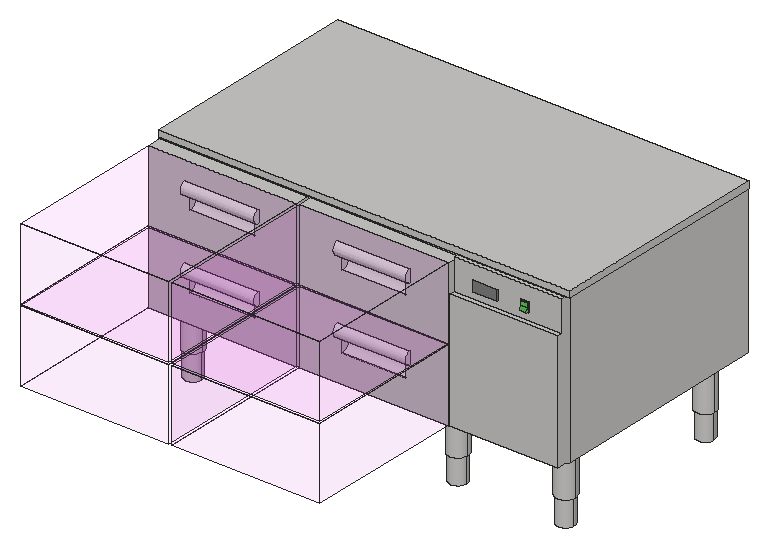
Revit family "QF_ZANUSSI_372295_Z7TTBECOMIN", category Specialty Equipment, Revit 2021
Family settings
  Round Connector Dimension = Use Diameter
  Part Type = Normal
  Work Plane-Based = No
  Always vertical = Yes
  Cut with Voids When Loaded = No
  Shared = No
  Room Calculation Point = No
Parameters (values of type "Standard")
  Weight = 95.00 kg
  Watts = 0 W
  Volts = 230 V
  URL Manufacturer = "http://www.zanussiprofessional.com"
  URL = "http://www.zanussiprofessional.com"
  Steam Supply Size = 0 mm
  Steam Supply Minimum Pressure = 0.0 Pa
  Steam Supply Maximum Pressure = 0.0 Pa
  Steam Pounds per Hour = 0
  Show Clearance [instance] = yes
  Refrigeration Suction Line Size = 0 mm
  Refrigeration Liquid Line Size = 0 mm
  Refrigerant Compressor Remote = yes
  Manufacturer = "Zanussi"
  Phase = 1
  Model = "Z7TTBECOMIN"
  Length Actual = 1200 mm
  Item Number = "372295"
  Hot Water Size = 0 mm
  Height Actual = 600 mm
  HP = "0.5 HP"
  Gas Size = 0 mm
  Gas KW = 0
  Gas Input Pressure = 0 W
  Direct Waste Size = 0 mm
  Description = "REFRIGERATED BASE WITH 4 DRAWERS 1200MM - R290"
  Depth Actual = 700 mm
  Default Elevation = 0 mm
  Cycle = 50 Hz
  Condensate Return Size = 0 mm
  Compressed Air Volume = 0.0 L/s
  Compressed Air Size = 0 mm
  Compressed Air Pressure = 0.0 Pa
  Cold Water Size = 0 mm
  Accessory = no
Reference planes
  plane 1 "Center X": y = -65.55
  plane 2: z = 0
  plane 3 "Centro (Sinistra/Destra)": x = 0
  plane 4: y = -315.05
  plane 5: y = 194.95
  plane 6 "BACK": y = 282.95
  plane 7 "FRONT": y = -414.05
  plane 8: y = -881.83
  plane 9: x = -544
  plane 10: x = 544
  plane 11: y = -369.551
  plane 12: x = 230
  plane 13: z = 200
  plane 14 "TOP": z = 630
  plane 15: z = 415
  plane 16 "LEFT": x = -600
  plane 17 "RIGHT": x = 600
Forms (mm)
  Extrusion 1, solid, material "QF_Finishes_Stainless Steel"
    sketch origin (-1022.223, -1524, 200) x (-1, 0, 0) y (0, -1, 0)
      loop
        line (-423.223, -1806.95) -> (-423.223, -1154.449) -> (-1621.223, -1154.449) -> (-1621.223, -1806.95) -> (-423.223, -1806.95)
    from 0 to 430
  Extrusion 2, solid, material "QF_Finishes_Stainless Steel"
    sketch origin (599, 0, 0) x (0, 1, 0) y (0, 0, 1)
      loop
        line (-369.551, 629.527) -> (-386.314, 640.994) -> (-397.65, 640.994) -> (-397.65, 549.796) -> (-414.05, 549.796) -> (-414.05, 204.796) -> (-384.714, 204.796) -> (-374.993, 200) -> (-369.551, 200) -> (-369.551, 629.527)
    from 0 to -313
  Extrusion 3, solid, material "QF_Finishes_Black"
    sketch origin (567.8, -397.65, 630.994) x (0, 0, -1) y (1, 0, 0)
      loop
        line (32.198, -86.899) -> (61.199, -86.899) -> (61.199, -64.9) -> (32.198, -64.9) -> (32.198, -86.899)
    from 0 to 1.6
  Extrusion 4, solid, material "QF_Finishes_Grey"
    sketch origin (589, -397.65, 630.994) x (0, 0, -1) y (1, 0, 0)
      loop
        line (32.198, -248.099) -> (61.199, -248.099) -> (61.199, -178.099) -> (32.198, -178.099) -> (32.198, -248.099)
    from 0 to 1.6
  Extrusion 5, solid, material "QF_Finishes_Green"
    sketch origin (502.9, -397.65, 598.796) x (0, 0, -1) y (0, 1, 0)
      loop
        line (2.279, -3.281) -> (14.5, -3.281) -> (25.308, -8.985)
        arc (25.308, -8.985) -> (26.537, -5.394) -> (26.605, -1.6) r 12.221
        line (26.605, -1.6) -> (2.395, -1.6)
        arc (2.395, -1.6) -> (2.308, -2.439) -> (2.279, -3.281) r 12.221
    from -20 to -2
  Extrusion 6, solid, material "QF_Finishes_Stainless Steel"
    sketch origin (-1022.223, -1524, 200) x (-1, 0, 0) y (0, -1, 0)
      loop
        circle (-1581.223, -1646.95) r 12
    from -10 to 0
  Extrusion 7, solid, material "QF_Finishes_Stainless Steel"
    sketch origin (-599, 0, -5) x (0, 1, 0) y (0, 0, 1)
      loop
        line (-369.551, 635) -> (282.95, 635) -> (282.95, 655) -> (-369.551, 655) -> (-369.551, 635)
    from 1198 to 0
  Extrusion 8, solid, material "QF_Finishes_Handrails and Railings"
    sketch origin (-394.028, -157.946, 1924.198) x (0, 0.885087, 0.465426) y (0, -0.465426, 0.885087)
      loop
        arc (-854.629, -1074.965) -> (-878.641, -1082.427) -> (-871.18, -1106.439) r 17.78
        line (-871.18, -1106.439) -> (-854.629, -1074.965)
    from -93.472 to 121.528
  Extrusion 9, solid, material "QF_Finishes_Stainless Steel"
    sketch origin (-594.053, 285.95, 14.715) x (0, 1, 0) y (0, 0, 1)
      loop
        line (-700, 486.991) -> (-660.001, 486.991) -> (-660.001, 530.285) -> (-678.147, 530.285) -> (-678.147, 511.464)
        arc (-678.147, 511.464) -> (-684.405, 495.059) -> (-700, 486.991) r 24.63
    from 118.753 to 309.354
  Extrusion 10, solid, material "QF_Finishes_Handrails and Railings"
    sketch origin (47.972, -157.946, 1924.198) x (0, 0.885087, 0.465426) y (0, -0.465426, 0.885087)
      loop
        arc (-854.629, -1074.965) -> (-878.641, -1082.427) -> (-871.18, -1106.439) r 17.78
        line (-871.18, -1106.439) -> (-854.629, -1074.965)
    from -89.472 to 121.528
  Extrusion 11, solid, material "QF_Finishes_Stainless Steel"
    sketch origin (-152.053, 285.95, 14.715) x (0, 1, 0) y (0, 0, 1)
      loop
        line (-700, 486.991) -> (-660.001, 486.991) -> (-660.001, 530.285) -> (-678.147, 530.285) -> (-678.147, 511.464)
        arc (-678.147, 511.464) -> (-684.405, 495.059) -> (-700, 486.991) r 24.63
    from 122.753 to 309.354
  Extrusion 12, solid, material "QF_Door-Drawer Clearances", visible <- "Show Clearance"
    sketch origin (200, -414.05, 0) x (1, 0, 0) y (0, 0, 1)
      loop
        line (-795, 629.2) -> (-795, 418.503) -> (-360.999, 418.503) -> (-360.999, 629.2) -> (-795, 629.2)
      loop
        line (-353, 629.2) -> (-353, 418.9) -> (81, 418.9) -> (81, 629.2) -> (-353, 629.2)
    from 0 to 467.78
  Extrusion 13, solid, material "QF_Finishes_Stainless Steel"
    sketch origin (0, -414.05, 0) x (-1, 0, 0) y (0, 0, 1)
      loop
        line (595, 629.2) -> (160.999, 629.2) -> (160.999, 418.503) -> (595, 418.503) -> (595, 629.2)
      loop
        line (153, 629.2) -> (-281, 629.2) -> (-281, 418.9) -> (153, 418.9) -> (153, 629.2)
      loop
        line (475.3, 501.706) -> (475.3, 545) -> (284.699, 545) -> (284.699, 501.706) -> (475.3, 501.706)
      loop
        line (29.3, 501.706) -> (29.3, 545) -> (-157.301, 545) -> (-157.301, 501.706) -> (29.3, 501.706)
    from 0 to 40
  Extrusion 14, solid, material "QF_Finishes_Handrails and Railings"
    sketch origin (-394.028, -157.946, 1709.198) x (0, 0.885087, 0.465426) y (0, -0.465426, 0.885087)
      loop
        arc (-854.629, -1074.965) -> (-878.641, -1082.427) -> (-871.18, -1106.439) r 17.78
        line (-871.18, -1106.439) -> (-854.629, -1074.965)
    from -93.472 to 121.528
  Extrusion 15, solid, material "QF_Finishes_Stainless Steel"
    sketch origin (-594.053, 285.95, -200.285) x (0, 1, 0) y (0, 0, 1)
      loop
        line (-700, 486.991) -> (-660.001, 486.991) -> (-660.001, 530.285) -> (-678.147, 530.285) -> (-678.147, 511.464)
        arc (-678.147, 511.464) -> (-684.405, 495.059) -> (-700, 486.991) r 24.63
    from 118.753 to 309.354
  Extrusion 16, solid, material "QF_Finishes_Handrails and Railings"
    sketch origin (47.972, -157.946, 1709.198) x (0, 0.885087, 0.465426) y (0, -0.465426, 0.885087)
      loop
        arc (-854.629, -1074.965) -> (-878.641, -1082.427) -> (-871.18, -1106.439) r 17.78
        line (-871.18, -1106.439) -> (-854.629, -1074.965)
    from -89.472 to 121.528
  Extrusion 17, solid, material "QF_Finishes_Stainless Steel"
    sketch origin (-152.053, 285.95, -200.285) x (0, 1, 0) y (0, 0, 1)
      loop
        line (-700, 486.991) -> (-660.001, 486.991) -> (-660.001, 530.285) -> (-678.147, 530.285) -> (-678.147, 511.464)
        arc (-678.147, 511.464) -> (-684.405, 495.059) -> (-700, 486.991) r 24.63
    from 122.753 to 309.354
  Extrusion 18, solid, material "QF_Door-Drawer Clearances", visible <- "Show Clearance"
    sketch origin (200, -414.05, -215) x (1, 0, 0) y (0, 0, 1)
      loop
        line (-795, 629.2) -> (-795, 418.503) -> (-360.999, 418.503) -> (-360.999, 629.2) -> (-795, 629.2)
      loop
        line (-353, 629.2) -> (-353, 418.9) -> (81, 418.9) -> (81, 629.2) -> (-353, 629.2)
    from 0 to 467.78
  Extrusion 19, solid, material "QF_Finishes_Stainless Steel"
    sketch origin (0, -414.05, -215) x (-1, 0, 0) y (0, 0, 1)
      loop
        line (595, 629.2) -> (160.999, 629.2) -> (160.999, 418.503) -> (595, 418.503) -> (595, 629.2)
      loop
        line (153, 629.2) -> (-281, 629.2) -> (-281, 418.9) -> (153, 418.9) -> (153, 629.2)
      loop
        line (475.3, 501.706) -> (475.3, 545) -> (284.699, 545) -> (284.699, 501.706) -> (475.3, 501.706)
      loop
        line (29.3, 501.706) -> (29.3, 545) -> (-157.301, 545) -> (-157.301, 501.706) -> (29.3, 501.706)
    from 0 to 40
Lines and regions (mm)
  Split face 1
    outline origin (589, -399.25, 630.994) x (0, 0, -1) y (1, 0, 0)
      loop
        line (37.198, -238.099) -> (52.198, -238.099) -> (52.198, -188.099) -> (37.198, -188.099) -> (37.198, -238.099)
  Split face 2
    outline origin (589, -399.25, 630.994) x (0, 0, -1) y (1, 0, 0)
      loop
        line (59.151, -238.099) -> (59.151, -227.099) -> (54.151, -227.099) -> (54.151, -238.099) -> (59.151, -238.099)
  Split face 3
    outline origin (589, -399.25, 630.994) x (0, 0, -1) y (1, 0, 0)
      loop
        line (54.151, -225.099) -> (59.151, -225.099) -> (59.151, -214.099) -> (54.151, -214.099) -> (54.151, -225.099)
  Split face 4
    outline origin (602, -399.25, 630.994) x (0, 0, -1) y (1, 0, 0)
      loop
        line (54.151, -225.099) -> (59.151, -225.099) -> (59.151, -214.099) -> (54.151, -214.099) -> (54.151, -225.099)
  Split face 5
    outline origin (615, -399.25, 630.994) x (0, 0, -1) y (1, 0, 0)
      loop
        line (54.151, -225.099) -> (59.151, -225.099) -> (59.151, -214.099) -> (54.151, -214.099) -> (54.151, -225.099)
  Split face 6
    outline origin (296, -414.05, 713.499) x (1, 0, 0) y (0, 0, 1)
      loop
        arc (52.48, -282.599) -> (56.5, -278.61) -> (52.5, -274.599) r 4
        line (52.5, -274.599) -> (20.5, -274.599)
        arc (20.5, -274.599) -> (16.5, -278.61) -> (20.521, -282.599) r 4
        line (20.521, -282.599) -> (52.48, -282.599)
  Split face 7
    outline origin (296, -414.05, 725.499) x (1, 0, 0) y (0, 0, 1)
      loop
        arc (52.48, -282.599) -> (56.5, -278.61) -> (52.5, -274.599) r 4
        line (52.5, -274.599) -> (20.5, -274.599)
        arc (20.5, -274.599) -> (16.5, -278.61) -> (20.521, -282.599) r 4
        line (20.521, -282.599) -> (52.48, -282.599)
  Split face 8
    outline origin (296, -414.05, 737.499) x (1, 0, 0) y (0, 0, 1)
      loop
        arc (52.48, -282.599) -> (56.5, -278.61) -> (52.5, -274.599) r 4
        line (52.5, -274.599) -> (20.5, -274.599)
        arc (20.5, -274.599) -> (16.5, -278.61) -> (20.521, -282.599) r 4
        line (20.521, -282.599) -> (52.48, -282.599)
  Split face 9
    outline origin (296, -414.05, 749.396) x (1, 0, 0) y (0, 0, 1)
      loop
        arc (52.48, -282.599) -> (56.5, -278.61) -> (52.5, -274.599) r 4
        line (52.5, -274.599) -> (20.5, -274.599)
        arc (20.5, -274.599) -> (16.5, -278.61) -> (20.521, -282.599) r 4
        line (20.521, -282.599) -> (52.48, -282.599)
  Split face 10
    outline origin (296, -414.05, 761.395) x (1, 0, 0) y (0, 0, 1)
      loop
        arc (52.48, -282.599) -> (56.5, -278.61) -> (52.5, -274.599) r 4
        line (52.5, -274.599) -> (20.5, -274.599)
        arc (20.5, -274.599) -> (16.5, -278.61) -> (20.521, -282.599) r 4
        line (20.521, -282.599) -> (52.48, -282.599)
  Split face 11
    outline origin (296, -414.05, 773.395) x (1, 0, 0) y (0, 0, 1)
      loop
        arc (52.48, -282.599) -> (56.5, -278.61) -> (52.5, -274.599) r 4
        line (52.5, -274.599) -> (20.5, -274.599)
        arc (20.5, -274.599) -> (16.5, -278.61) -> (20.521, -282.599) r 4
        line (20.521, -282.599) -> (52.48, -282.599)
  Split face 12
    outline origin (296, -414.05, 785.395) x (1, 0, 0) y (0, 0, 1)
      loop
        arc (52.48, -282.599) -> (56.5, -278.61) -> (52.5, -274.599) r 4
        line (52.5, -274.599) -> (20.5, -274.599)
        arc (20.5, -274.599) -> (16.5, -278.61) -> (20.521, -282.599) r 4
        line (20.521, -282.599) -> (52.48, -282.599)
  Split face 13
    outline origin (296, -414.05, 797.395) x (1, 0, 0) y (0, 0, 1)
      loop
        arc (52.48, -282.599) -> (56.5, -278.61) -> (52.5, -274.599) r 4
        line (52.5, -274.599) -> (20.5, -274.599)
        arc (20.5, -274.599) -> (16.5, -278.61) -> (20.521, -282.599) r 4
        line (20.521, -282.599) -> (52.48, -282.599)
  Split face 14
    outline origin (296, -414.05, 809.395) x (1, 0, 0) y (0, 0, 1)
      loop
        arc (52.48, -282.599) -> (56.5, -278.61) -> (52.5, -274.599) r 4
        line (52.5, -274.599) -> (20.5, -274.599)
        arc (20.5, -274.599) -> (16.5, -278.61) -> (20.521, -282.599) r 4
        line (20.521, -282.599) -> (52.48, -282.599)
  Split face 15
    outline origin (296, -414.05, 701.499) x (1, 0, 0) y (0, 0, 1)
      loop
        arc (52.48, -282.599) -> (56.5, -278.61) -> (52.5, -274.599) r 4
        line (52.5, -274.599) -> (20.5, -274.599)
        arc (20.5, -274.599) -> (16.5, -278.61) -> (20.521, -282.599) r 4
        line (20.521, -282.599) -> (52.48, -282.599)
  Split face 16
    outline origin (296, -414.05, 605.603) x (1, 0, 0) y (0, 0, 1)
      loop
        arc (52.48, -282.599) -> (56.5, -278.61) -> (52.5, -274.599) r 4
        line (52.5, -274.599) -> (20.5, -274.599)
        arc (20.5, -274.599) -> (16.5, -278.61) -> (20.521, -282.599) r 4
        line (20.521, -282.599) -> (52.48, -282.599)
  Split face 17
    outline origin (296, -414.05, 617.603) x (1, 0, 0) y (0, 0, 1)
      loop
        arc (52.48, -282.599) -> (56.5, -278.61) -> (52.5, -274.599) r 4
        line (52.5, -274.599) -> (20.5, -274.599)
        arc (20.5, -274.599) -> (16.5, -278.61) -> (20.521, -282.599) r 4
        line (20.521, -282.599) -> (52.48, -282.599)
  Split face 18
    outline origin (296, -414.05, 629.602) x (1, 0, 0) y (0, 0, 1)
      loop
        arc (52.48, -282.599) -> (56.5, -278.61) -> (52.5, -274.599) r 4
        line (52.5, -274.599) -> (20.5, -274.599)
        arc (20.5, -274.599) -> (16.5, -278.61) -> (20.521, -282.599) r 4
        line (20.521, -282.599) -> (52.48, -282.599)
  Split face 19
    outline origin (296, -414.05, 677.499) x (1, 0, 0) y (0, 0, 1)
      loop
        arc (52.48, -282.599) -> (56.5, -278.61) -> (52.5, -274.599) r 4
        line (52.5, -274.599) -> (20.5, -274.599)
        arc (20.5, -274.599) -> (16.5, -278.61) -> (20.521, -282.599) r 4
        line (20.521, -282.599) -> (52.48, -282.599)
  Split face 20
    outline origin (296, -414.05, 689.499) x (1, 0, 0) y (0, 0, 1)
      loop
        arc (52.48, -282.599) -> (56.5, -278.61) -> (52.5, -274.599) r 4
        line (52.5, -274.599) -> (20.5, -274.599)
        arc (20.5, -274.599) -> (16.5, -278.61) -> (20.521, -282.599) r 4
        line (20.521, -282.599) -> (52.48, -282.599)
  Split face 21
    outline origin (296, -414.05, 593.603) x (1, 0, 0) y (0, 0, 1)
      loop
        arc (52.48, -282.599) -> (56.5, -278.61) -> (52.5, -274.599) r 4
        line (52.5, -274.599) -> (20.5, -274.599)
        arc (20.5, -274.599) -> (16.5, -278.61) -> (20.521, -282.599) r 4
        line (20.521, -282.599) -> (52.48, -282.599)
  Split face 22
    outline origin (296, -414.05, 497.707) x (1, 0, 0) y (0, 0, 1)
      loop
        arc (52.48, -282.599) -> (56.5, -278.61) -> (52.5, -274.599) r 4
        line (52.5, -274.599) -> (20.5, -274.599)
        arc (20.5, -274.599) -> (16.5, -278.61) -> (20.521, -282.599) r 4
        line (20.521, -282.599) -> (52.48, -282.599)
  Split face 23
    outline origin (296, -414.05, 509.707) x (1, 0, 0) y (0, 0, 1)
      loop
        arc (52.48, -282.599) -> (56.5, -278.61) -> (52.5, -274.599) r 4
        line (52.5, -274.599) -> (20.5, -274.599)
        arc (20.5, -274.599) -> (16.5, -278.61) -> (20.521, -282.599) r 4
        line (20.521, -282.599) -> (52.48, -282.599)
  Split face 24
    outline origin (296, -414.05, 521.706) x (1, 0, 0) y (0, 0, 1)
      loop
        arc (52.48, -282.599) -> (56.5, -278.61) -> (52.5, -274.599) r 4
        line (52.5, -274.599) -> (20.5, -274.599)
        arc (20.5, -274.599) -> (16.5, -278.61) -> (20.521, -282.599) r 4
        line (20.521, -282.599) -> (52.48, -282.599)
  Split face 25
    outline origin (296, -414.05, 533.604) x (1, 0, 0) y (0, 0, 1)
      loop
        arc (52.48, -282.599) -> (56.5, -278.61) -> (52.5, -274.599) r 4
        line (52.5, -274.599) -> (20.5, -274.599)
        arc (20.5, -274.599) -> (16.5, -278.61) -> (20.521, -282.599) r 4
        line (20.521, -282.599) -> (52.48, -282.599)
  Split face 26
    outline origin (296, -414.05, 545.603) x (1, 0, 0) y (0, 0, 1)
      loop
        arc (52.48, -282.599) -> (56.5, -278.61) -> (52.5, -274.599) r 4
        line (52.5, -274.599) -> (20.5, -274.599)
        arc (20.5, -274.599) -> (16.5, -278.61) -> (20.521, -282.599) r 4
        line (20.521, -282.599) -> (52.48, -282.599)
  Split face 27
    outline origin (296, -414.05, 557.603) x (1, 0, 0) y (0, 0, 1)
      loop
        arc (52.48, -282.599) -> (56.5, -278.61) -> (52.5, -274.599) r 4
        line (52.5, -274.599) -> (20.5, -274.599)
        arc (20.5, -274.599) -> (16.5, -278.61) -> (20.521, -282.599) r 4
        line (20.521, -282.599) -> (52.48, -282.599)
  Split face 28
    outline origin (296, -414.05, 569.603) x (1, 0, 0) y (0, 0, 1)
      loop
        arc (52.48, -282.599) -> (56.5, -278.61) -> (52.5, -274.599) r 4
        line (52.5, -274.599) -> (20.5, -274.599)
        arc (20.5, -274.599) -> (16.5, -278.61) -> (20.521, -282.599) r 4
        line (20.521, -282.599) -> (52.48, -282.599)
  Split face 29
    outline origin (296, -414.05, 581.603) x (1, 0, 0) y (0, 0, 1)
      loop
        arc (52.48, -282.599) -> (56.5, -278.61) -> (52.5, -274.599) r 4
        line (52.5, -274.599) -> (20.5, -274.599)
        arc (20.5, -274.599) -> (16.5, -278.61) -> (20.521, -282.599) r 4
        line (20.521, -282.599) -> (52.48, -282.599)
  Split face 30
    outline origin (351, -414.05, 713.499) x (1, 0, 0) y (0, 0, 1)
      loop
        arc (52.48, -282.599) -> (56.5, -278.61) -> (52.5, -274.599) r 4
        line (52.5, -274.599) -> (20.5, -274.599)
        arc (20.5, -274.599) -> (16.5, -278.61) -> (20.521, -282.599) r 4
        line (20.521, -282.599) -> (52.48, -282.599)
  Split face 31
    outline origin (351, -414.05, 725.499) x (1, 0, 0) y (0, 0, 1)
      loop
        arc (52.48, -282.599) -> (56.5, -278.61) -> (52.5, -274.599) r 4
        line (52.5, -274.599) -> (20.5, -274.599)
        arc (20.5, -274.599) -> (16.5, -278.61) -> (20.521, -282.599) r 4
        line (20.521, -282.599) -> (52.48, -282.599)
  Split face 32
    outline origin (351, -414.05, 737.499) x (1, 0, 0) y (0, 0, 1)
      loop
        arc (52.48, -282.599) -> (56.5, -278.61) -> (52.5, -274.599) r 4
        line (52.5, -274.599) -> (20.5, -274.599)
        arc (20.5, -274.599) -> (16.5, -278.61) -> (20.521, -282.599) r 4
        line (20.521, -282.599) -> (52.48, -282.599)
  Split face 33
    outline origin (351, -414.05, 749.396) x (1, 0, 0) y (0, 0, 1)
      loop
        arc (52.48, -282.599) -> (56.5, -278.61) -> (52.5, -274.599) r 4
        line (52.5, -274.599) -> (20.5, -274.599)
        arc (20.5, -274.599) -> (16.5, -278.61) -> (20.521, -282.599) r 4
        line (20.521, -282.599) -> (52.48, -282.599)
  Split face 34
    outline origin (351, -414.05, 761.395) x (1, 0, 0) y (0, 0, 1)
      loop
        arc (52.48, -282.599) -> (56.5, -278.61) -> (52.5, -274.599) r 4
        line (52.5, -274.599) -> (20.5, -274.599)
        arc (20.5, -274.599) -> (16.5, -278.61) -> (20.521, -282.599) r 4
        line (20.521, -282.599) -> (52.48, -282.599)
  Split face 35
    outline origin (351, -414.05, 773.395) x (1, 0, 0) y (0, 0, 1)
      loop
        arc (52.48, -282.599) -> (56.5, -278.61) -> (52.5, -274.599) r 4
        line (52.5, -274.599) -> (20.5, -274.599)
        arc (20.5, -274.599) -> (16.5, -278.61) -> (20.521, -282.599) r 4
        line (20.521, -282.599) -> (52.48, -282.599)
  Split face 36
    outline origin (351, -414.05, 785.395) x (1, 0, 0) y (0, 0, 1)
      loop
        arc (52.48, -282.599) -> (56.5, -278.61) -> (52.5, -274.599) r 4
        line (52.5, -274.599) -> (20.5, -274.599)
        arc (20.5, -274.599) -> (16.5, -278.61) -> (20.521, -282.599) r 4
        line (20.521, -282.599) -> (52.48, -282.599)
  Split face 37
    outline origin (351, -414.05, 797.395) x (1, 0, 0) y (0, 0, 1)
      loop
        arc (52.48, -282.599) -> (56.5, -278.61) -> (52.5, -274.599) r 4
        line (52.5, -274.599) -> (20.5, -274.599)
        arc (20.5, -274.599) -> (16.5, -278.61) -> (20.521, -282.599) r 4
        line (20.521, -282.599) -> (52.48, -282.599)
  Split face 38
    outline origin (351, -414.05, 809.395) x (1, 0, 0) y (0, 0, 1)
      loop
        arc (52.48, -282.599) -> (56.5, -278.61) -> (52.5, -274.599) r 4
        line (52.5, -274.599) -> (20.5, -274.599)
        arc (20.5, -274.599) -> (16.5, -278.61) -> (20.521, -282.599) r 4
        line (20.521, -282.599) -> (52.48, -282.599)
  Split face 39
    outline origin (351, -414.05, 701.499) x (1, 0, 0) y (0, 0, 1)
      loop
        arc (52.48, -282.599) -> (56.5, -278.61) -> (52.5, -274.599) r 4
        line (52.5, -274.599) -> (20.5, -274.599)
        arc (20.5, -274.599) -> (16.5, -278.61) -> (20.521, -282.599) r 4
        line (20.521, -282.599) -> (52.48, -282.599)
  Split face 40
    outline origin (351, -414.05, 605.603) x (1, 0, 0) y (0, 0, 1)
      loop
        arc (52.48, -282.599) -> (56.5, -278.61) -> (52.5, -274.599) r 4
        line (52.5, -274.599) -> (20.5, -274.599)
        arc (20.5, -274.599) -> (16.5, -278.61) -> (20.521, -282.599) r 4
        line (20.521, -282.599) -> (52.48, -282.599)
  Split face 41
    outline origin (351, -414.05, 617.603) x (1, 0, 0) y (0, 0, 1)
      loop
        arc (52.48, -282.599) -> (56.5, -278.61) -> (52.5, -274.599) r 4
        line (52.5, -274.599) -> (20.5, -274.599)
        arc (20.5, -274.599) -> (16.5, -278.61) -> (20.521, -282.599) r 4
        line (20.521, -282.599) -> (52.48, -282.599)
  Split face 42
    outline origin (351, -414.05, 629.602) x (1, 0, 0) y (0, 0, 1)
      loop
        arc (52.48, -282.599) -> (56.5, -278.61) -> (52.5, -274.599) r 4
        line (52.5, -274.599) -> (20.5, -274.599)
        arc (20.5, -274.599) -> (16.5, -278.61) -> (20.521, -282.599) r 4
        line (20.521, -282.599) -> (52.48, -282.599)
  Split face 43
    outline origin (351, -414.05, 677.499) x (1, 0, 0) y (0, 0, 1)
      loop
        arc (52.48, -282.599) -> (56.5, -278.61) -> (52.5, -274.599) r 4
        line (52.5, -274.599) -> (20.5, -274.599)
        arc (20.5, -274.599) -> (16.5, -278.61) -> (20.521, -282.599) r 4
        line (20.521, -282.599) -> (52.48, -282.599)
  Split face 44
    outline origin (351, -414.05, 689.499) x (1, 0, 0) y (0, 0, 1)
      loop
        arc (52.48, -282.599) -> (56.5, -278.61) -> (52.5, -274.599) r 4
        line (52.5, -274.599) -> (20.5, -274.599)
        arc (20.5, -274.599) -> (16.5, -278.61) -> (20.521, -282.599) r 4
        line (20.521, -282.599) -> (52.48, -282.599)
  Split face 45
    outline origin (351, -414.05, 593.603) x (1, 0, 0) y (0, 0, 1)
      loop
        arc (52.48, -282.599) -> (56.5, -278.61) -> (52.5, -274.599) r 4
        line (52.5, -274.599) -> (20.5, -274.599)
        arc (20.5, -274.599) -> (16.5, -278.61) -> (20.521, -282.599) r 4
        line (20.521, -282.599) -> (52.48, -282.599)
  Split face 46
    outline origin (351, -414.05, 497.707) x (1, 0, 0) y (0, 0, 1)
      loop
        arc (52.48, -282.599) -> (56.5, -278.61) -> (52.5, -274.599) r 4
        line (52.5, -274.599) -> (20.5, -274.599)
        arc (20.5, -274.599) -> (16.5, -278.61) -> (20.521, -282.599) r 4
        line (20.521, -282.599) -> (52.48, -282.599)
  Split face 47
    outline origin (351, -414.05, 509.707) x (1, 0, 0) y (0, 0, 1)
      loop
        arc (52.48, -282.599) -> (56.5, -278.61) -> (52.5, -274.599) r 4
        line (52.5, -274.599) -> (20.5, -274.599)
        arc (20.5, -274.599) -> (16.5, -278.61) -> (20.521, -282.599) r 4
        line (20.521, -282.599) -> (52.48, -282.599)
  Split face 48
    outline origin (351, -414.05, 521.706) x (1, 0, 0) y (0, 0, 1)
      loop
        arc (52.48, -282.599) -> (56.5, -278.61) -> (52.5, -274.599) r 4
        line (52.5, -274.599) -> (20.5, -274.599)
        arc (20.5, -274.599) -> (16.5, -278.61) -> (20.521, -282.599) r 4
        line (20.521, -282.599) -> (52.48, -282.599)
  Split face 49
    outline origin (351, -414.05, 533.604) x (1, 0, 0) y (0, 0, 1)
      loop
        arc (52.48, -282.599) -> (56.5, -278.61) -> (52.5, -274.599) r 4
        line (52.5, -274.599) -> (20.5, -274.599)
        arc (20.5, -274.599) -> (16.5, -278.61) -> (20.521, -282.599) r 4
        line (20.521, -282.599) -> (52.48, -282.599)
  Split face 50
    outline origin (351, -414.05, 545.603) x (1, 0, 0) y (0, 0, 1)
      loop
        arc (52.48, -282.599) -> (56.5, -278.61) -> (52.5, -274.599) r 4
        line (52.5, -274.599) -> (20.5, -274.599)
        arc (20.5, -274.599) -> (16.5, -278.61) -> (20.521, -282.599) r 4
        line (20.521, -282.599) -> (52.48, -282.599)
  Split face 51
    outline origin (351, -414.05, 557.603) x (1, 0, 0) y (0, 0, 1)
      loop
        arc (52.48, -282.599) -> (56.5, -278.61) -> (52.5, -274.599) r 4
        line (52.5, -274.599) -> (20.5, -274.599)
        arc (20.5, -274.599) -> (16.5, -278.61) -> (20.521, -282.599) r 4
        line (20.521, -282.599) -> (52.48, -282.599)
  Split face 52
    outline origin (351, -414.05, 569.603) x (1, 0, 0) y (0, 0, 1)
      loop
        arc (52.48, -282.599) -> (56.5, -278.61) -> (52.5, -274.599) r 4
        line (52.5, -274.599) -> (20.5, -274.599)
        arc (20.5, -274.599) -> (16.5, -278.61) -> (20.521, -282.599) r 4
        line (20.521, -282.599) -> (52.48, -282.599)
  Split face 53
    outline origin (351, -414.05, 581.603) x (1, 0, 0) y (0, 0, 1)
      loop
        arc (52.48, -282.599) -> (56.5, -278.61) -> (52.5, -274.599) r 4
        line (52.5, -274.599) -> (20.5, -274.599)
        arc (20.5, -274.599) -> (16.5, -278.61) -> (20.521, -282.599) r 4
        line (20.521, -282.599) -> (52.48, -282.599)
  Split face 54
    outline origin (406, -414.05, 713.499) x (1, 0, 0) y (0, 0, 1)
      loop
        arc (52.48, -282.599) -> (56.5, -278.61) -> (52.5, -274.599) r 4
        line (52.5, -274.599) -> (20.5, -274.599)
        arc (20.5, -274.599) -> (16.5, -278.61) -> (20.521, -282.599) r 4
        line (20.521, -282.599) -> (52.48, -282.599)
  Split face 55
    outline origin (406, -414.05, 725.499) x (1, 0, 0) y (0, 0, 1)
      loop
        arc (52.48, -282.599) -> (56.5, -278.61) -> (52.5, -274.599) r 4
        line (52.5, -274.599) -> (20.5, -274.599)
        arc (20.5, -274.599) -> (16.5, -278.61) -> (20.521, -282.599) r 4
        line (20.521, -282.599) -> (52.48, -282.599)
  Split face 56
    outline origin (406, -414.05, 737.499) x (1, 0, 0) y (0, 0, 1)
      loop
        arc (52.48, -282.599) -> (56.5, -278.61) -> (52.5, -274.599) r 4
        line (52.5, -274.599) -> (20.5, -274.599)
        arc (20.5, -274.599) -> (16.5, -278.61) -> (20.521, -282.599) r 4
        line (20.521, -282.599) -> (52.48, -282.599)
  Split face 57
    outline origin (406, -414.05, 749.396) x (1, 0, 0) y (0, 0, 1)
      loop
        arc (52.48, -282.599) -> (56.5, -278.61) -> (52.5, -274.599) r 4
        line (52.5, -274.599) -> (20.5, -274.599)
        arc (20.5, -274.599) -> (16.5, -278.61) -> (20.521, -282.599) r 4
        line (20.521, -282.599) -> (52.48, -282.599)
  Split face 58
    outline origin (406, -414.05, 761.395) x (1, 0, 0) y (0, 0, 1)
      loop
        arc (52.48, -282.599) -> (56.5, -278.61) -> (52.5, -274.599) r 4
        line (52.5, -274.599) -> (20.5, -274.599)
        arc (20.5, -274.599) -> (16.5, -278.61) -> (20.521, -282.599) r 4
        line (20.521, -282.599) -> (52.48, -282.599)
  Split face 59
    outline origin (406, -414.05, 773.395) x (1, 0, 0) y (0, 0, 1)
      loop
        arc (52.48, -282.599) -> (56.5, -278.61) -> (52.5, -274.599) r 4
        line (52.5, -274.599) -> (20.5, -274.599)
        arc (20.5, -274.599) -> (16.5, -278.61) -> (20.521, -282.599) r 4
        line (20.521, -282.599) -> (52.48, -282.599)
  Split face 60
    outline origin (406, -414.05, 785.395) x (1, 0, 0) y (0, 0, 1)
      loop
        arc (52.48, -282.599) -> (56.5, -278.61) -> (52.5, -274.599) r 4
        line (52.5, -274.599) -> (20.5, -274.599)
        arc (20.5, -274.599) -> (16.5, -278.61) -> (20.521, -282.599) r 4
        line (20.521, -282.599) -> (52.48, -282.599)
  Split face 61
    outline origin (406, -414.05, 797.395) x (1, 0, 0) y (0, 0, 1)
      loop
        arc (52.48, -282.599) -> (56.5, -278.61) -> (52.5, -274.599) r 4
        line (52.5, -274.599) -> (20.5, -274.599)
        arc (20.5, -274.599) -> (16.5, -278.61) -> (20.521, -282.599) r 4
        line (20.521, -282.599) -> (52.48, -282.599)
  Split face 62
    outline origin (406, -414.05, 809.395) x (1, 0, 0) y (0, 0, 1)
      loop
        arc (52.48, -282.599) -> (56.5, -278.61) -> (52.5, -274.599) r 4
        line (52.5, -274.599) -> (20.5, -274.599)
        arc (20.5, -274.599) -> (16.5, -278.61) -> (20.521, -282.599) r 4
        line (20.521, -282.599) -> (52.48, -282.599)
  Split face 63
    outline origin (406, -414.05, 701.499) x (1, 0, 0) y (0, 0, 1)
      loop
        arc (52.48, -282.599) -> (56.5, -278.61) -> (52.5, -274.599) r 4
        line (52.5, -274.599) -> (20.5, -274.599)
        arc (20.5, -274.599) -> (16.5, -278.61) -> (20.521, -282.599) r 4
        line (20.521, -282.599) -> (52.48, -282.599)
  Split face 64
    outline origin (406, -414.05, 605.603) x (1, 0, 0) y (0, 0, 1)
      loop
        arc (52.48, -282.599) -> (56.5, -278.61) -> (52.5, -274.599) r 4
        line (52.5, -274.599) -> (20.5, -274.599)
        arc (20.5, -274.599) -> (16.5, -278.61) -> (20.521, -282.599) r 4
        line (20.521, -282.599) -> (52.48, -282.599)
  Split face 65
    outline origin (406, -414.05, 617.603) x (1, 0, 0) y (0, 0, 1)
      loop
        arc (52.48, -282.599) -> (56.5, -278.61) -> (52.5, -274.599) r 4
        line (52.5, -274.599) -> (20.5, -274.599)
        arc (20.5, -274.599) -> (16.5, -278.61) -> (20.521, -282.599) r 4
        line (20.521, -282.599) -> (52.48, -282.599)
  Split face 66
    outline origin (406, -414.05, 629.602) x (1, 0, 0) y (0, 0, 1)
      loop
        arc (52.48, -282.599) -> (56.5, -278.61) -> (52.5, -274.599) r 4
        line (52.5, -274.599) -> (20.5, -274.599)
        arc (20.5, -274.599) -> (16.5, -278.61) -> (20.521, -282.599) r 4
        line (20.521, -282.599) -> (52.48, -282.599)
  Split face 67
    outline origin (406, -414.05, 677.499) x (1, 0, 0) y (0, 0, 1)
      loop
        arc (52.48, -282.599) -> (56.5, -278.61) -> (52.5, -274.599) r 4
        line (52.5, -274.599) -> (20.5, -274.599)
        arc (20.5, -274.599) -> (16.5, -278.61) -> (20.521, -282.599) r 4
        line (20.521, -282.599) -> (52.48, -282.599)
  Split face 68
    outline origin (406, -414.05, 689.499) x (1, 0, 0) y (0, 0, 1)
      loop
        arc (52.48, -282.599) -> (56.5, -278.61) -> (52.5, -274.599) r 4
        line (52.5, -274.599) -> (20.5, -274.599)
        arc (20.5, -274.599) -> (16.5, -278.61) -> (20.521, -282.599) r 4
        line (20.521, -282.599) -> (52.48, -282.599)
  Split face 69
    outline origin (406, -414.05, 593.603) x (1, 0, 0) y (0, 0, 1)
      loop
        arc (52.48, -282.599) -> (56.5, -278.61) -> (52.5, -274.599) r 4
        line (52.5, -274.599) -> (20.5, -274.599)
        arc (20.5, -274.599) -> (16.5, -278.61) -> (20.521, -282.599) r 4
        line (20.521, -282.599) -> (52.48, -282.599)
  Split face 70
    outline origin (406, -414.05, 497.707) x (1, 0, 0) y (0, 0, 1)
      loop
        arc (52.48, -282.599) -> (56.5, -278.61) -> (52.5, -274.599) r 4
        line (52.5, -274.599) -> (20.5, -274.599)
        arc (20.5, -274.599) -> (16.5, -278.61) -> (20.521, -282.599) r 4
        line (20.521, -282.599) -> (52.48, -282.599)
  Split face 71
    outline origin (406, -414.05, 509.707) x (1, 0, 0) y (0, 0, 1)
      loop
        arc (52.48, -282.599) -> (56.5, -278.61) -> (52.5, -274.599) r 4
        line (52.5, -274.599) -> (20.5, -274.599)
        arc (20.5, -274.599) -> (16.5, -278.61) -> (20.521, -282.599) r 4
        line (20.521, -282.599) -> (52.48, -282.599)
  Split face 72
    outline origin (406, -414.05, 521.706) x (1, 0, 0) y (0, 0, 1)
      loop
        arc (52.48, -282.599) -> (56.5, -278.61) -> (52.5, -274.599) r 4
        line (52.5, -274.599) -> (20.5, -274.599)
        arc (20.5, -274.599) -> (16.5, -278.61) -> (20.521, -282.599) r 4
        line (20.521, -282.599) -> (52.48, -282.599)
  Split face 73
    outline origin (406, -414.05, 533.604) x (1, 0, 0) y (0, 0, 1)
      loop
        arc (52.48, -282.599) -> (56.5, -278.61) -> (52.5, -274.599) r 4
        line (52.5, -274.599) -> (20.5, -274.599)
        arc (20.5, -274.599) -> (16.5, -278.61) -> (20.521, -282.599) r 4
        line (20.521, -282.599) -> (52.48, -282.599)
  Split face 74
    outline origin (406, -414.05, 545.603) x (1, 0, 0) y (0, 0, 1)
      loop
        arc (52.48, -282.599) -> (56.5, -278.61) -> (52.5, -274.599) r 4
        line (52.5, -274.599) -> (20.5, -274.599)
        arc (20.5, -274.599) -> (16.5, -278.61) -> (20.521, -282.599) r 4
        line (20.521, -282.599) -> (52.48, -282.599)
  Split face 75
    outline origin (406, -414.05, 557.603) x (1, 0, 0) y (0, 0, 1)
      loop
        arc (52.48, -282.599) -> (56.5, -278.61) -> (52.5, -274.599) r 4
        line (52.5, -274.599) -> (20.5, -274.599)
        arc (20.5, -274.599) -> (16.5, -278.61) -> (20.521, -282.599) r 4
        line (20.521, -282.599) -> (52.48, -282.599)
  Split face 76
    outline origin (406, -414.05, 569.603) x (1, 0, 0) y (0, 0, 1)
      loop
        arc (52.48, -282.599) -> (56.5, -278.61) -> (52.5, -274.599) r 4
        line (52.5, -274.599) -> (20.5, -274.599)
        arc (20.5, -274.599) -> (16.5, -278.61) -> (20.521, -282.599) r 4
        line (20.521, -282.599) -> (52.48, -282.599)
  Split face 77
    outline origin (406, -414.05, 581.603) x (1, 0, 0) y (0, 0, 1)
      loop
        arc (52.48, -282.599) -> (56.5, -278.61) -> (52.5, -274.599) r 4
        line (52.5, -274.599) -> (20.5, -274.599)
        arc (20.5, -274.599) -> (16.5, -278.61) -> (20.521, -282.599) r 4
        line (20.521, -282.599) -> (52.48, -282.599)
  Split face 78
    outline origin (461, -414.05, 713.499) x (1, 0, 0) y (0, 0, 1)
      loop
        arc (52.48, -282.599) -> (56.5, -278.61) -> (52.5, -274.599) r 4
        line (52.5, -274.599) -> (20.5, -274.599)
        arc (20.5, -274.599) -> (16.5, -278.61) -> (20.521, -282.599) r 4
        line (20.521, -282.599) -> (52.48, -282.599)
  Split face 79
    outline origin (461, -414.05, 725.499) x (1, 0, 0) y (0, 0, 1)
      loop
        arc (52.48, -282.599) -> (56.5, -278.61) -> (52.5, -274.599) r 4
        line (52.5, -274.599) -> (20.5, -274.599)
        arc (20.5, -274.599) -> (16.5, -278.61) -> (20.521, -282.599) r 4
        line (20.521, -282.599) -> (52.48, -282.599)
  Split face 80
    outline origin (461, -414.05, 737.499) x (1, 0, 0) y (0, 0, 1)
      loop
        arc (52.48, -282.599) -> (56.5, -278.61) -> (52.5, -274.599) r 4
        line (52.5, -274.599) -> (20.5, -274.599)
        arc (20.5, -274.599) -> (16.5, -278.61) -> (20.521, -282.599) r 4
        line (20.521, -282.599) -> (52.48, -282.599)
  Split face 81
    outline origin (461, -414.05, 749.396) x (1, 0, 0) y (0, 0, 1)
      loop
        arc (52.48, -282.599) -> (56.5, -278.61) -> (52.5, -274.599) r 4
        line (52.5, -274.599) -> (20.5, -274.599)
        arc (20.5, -274.599) -> (16.5, -278.61) -> (20.521, -282.599) r 4
        line (20.521, -282.599) -> (52.48, -282.599)
  Split face 82
    outline origin (461, -414.05, 761.395) x (1, 0, 0) y (0, 0, 1)
      loop
        arc (52.48, -282.599) -> (56.5, -278.61) -> (52.5, -274.599) r 4
        line (52.5, -274.599) -> (20.5, -274.599)
        arc (20.5, -274.599) -> (16.5, -278.61) -> (20.521, -282.599) r 4
        line (20.521, -282.599) -> (52.48, -282.599)
  Split face 83
    outline origin (461, -414.05, 773.395) x (1, 0, 0) y (0, 0, 1)
      loop
        arc (52.48, -282.599) -> (56.5, -278.61) -> (52.5, -274.599) r 4
        line (52.5, -274.599) -> (20.5, -274.599)
        arc (20.5, -274.599) -> (16.5, -278.61) -> (20.521, -282.599) r 4
        line (20.521, -282.599) -> (52.48, -282.599)
  Split face 84
    outline origin (461, -414.05, 785.395) x (1, 0, 0) y (0, 0, 1)
      loop
        arc (52.48, -282.599) -> (56.5, -278.61) -> (52.5, -274.599) r 4
        line (52.5, -274.599) -> (20.5, -274.599)
        arc (20.5, -274.599) -> (16.5, -278.61) -> (20.521, -282.599) r 4
        line (20.521, -282.599) -> (52.48, -282.599)
  Split face 85
    outline origin (461, -414.05, 797.395) x (1, 0, 0) y (0, 0, 1)
      loop
        arc (52.48, -282.599) -> (56.5, -278.61) -> (52.5, -274.599) r 4
        line (52.5, -274.599) -> (20.5, -274.599)
        arc (20.5, -274.599) -> (16.5, -278.61) -> (20.521, -282.599) r 4
        line (20.521, -282.599) -> (52.48, -282.599)
  Split face 86
    outline origin (461, -414.05, 809.395) x (1, 0, 0) y (0, 0, 1)
      loop
        arc (52.48, -282.599) -> (56.5, -278.61) -> (52.5, -274.599) r 4
        line (52.5, -274.599) -> (20.5, -274.599)
        arc (20.5, -274.599) -> (16.5, -278.61) -> (20.521, -282.599) r 4
        line (20.521, -282.599) -> (52.48, -282.599)
  Split face 87
    outline origin (461, -414.05, 701.499) x (1, 0, 0) y (0, 0, 1)
      loop
        arc (52.48, -282.599) -> (56.5, -278.61) -> (52.5, -274.599) r 4
        line (52.5, -274.599) -> (20.5, -274.599)
        arc (20.5, -274.599) -> (16.5, -278.61) -> (20.521, -282.599) r 4
        line (20.521, -282.599) -> (52.48, -282.599)
  Split face 88
    outline origin (461, -414.05, 605.603) x (1, 0, 0) y (0, 0, 1)
      loop
        arc (52.48, -282.599) -> (56.5, -278.61) -> (52.5, -274.599) r 4
        line (52.5, -274.599) -> (20.5, -274.599)
        arc (20.5, -274.599) -> (16.5, -278.61) -> (20.521, -282.599) r 4
        line (20.521, -282.599) -> (52.48, -282.599)
  Split face 89
    outline origin (461, -414.05, 617.603) x (1, 0, 0) y (0, 0, 1)
      loop
        arc (52.48, -282.599) -> (56.5, -278.61) -> (52.5, -274.599) r 4
        line (52.5, -274.599) -> (20.5, -274.599)
        arc (20.5, -274.599) -> (16.5, -278.61) -> (20.521, -282.599) r 4
        line (20.521, -282.599) -> (52.48, -282.599)
  Split face 90
    outline origin (461, -414.05, 629.602) x (1, 0, 0) y (0, 0, 1)
      loop
        arc (52.48, -282.599) -> (56.5, -278.61) -> (52.5, -274.599) r 4
        line (52.5, -274.599) -> (20.5, -274.599)
        arc (20.5, -274.599) -> (16.5, -278.61) -> (20.521, -282.599) r 4
        line (20.521, -282.599) -> (52.48, -282.599)
  Split face 91
    outline origin (461, -414.05, 677.499) x (1, 0, 0) y (0, 0, 1)
      loop
        arc (52.48, -282.599) -> (56.5, -278.61) -> (52.5, -274.599) r 4
        line (52.5, -274.599) -> (20.5, -274.599)
        arc (20.5, -274.599) -> (16.5, -278.61) -> (20.521, -282.599) r 4
        line (20.521, -282.599) -> (52.48, -282.599)
  Split face 92
    outline origin (461, -414.05, 689.499) x (1, 0, 0) y (0, 0, 1)
      loop
        arc (52.48, -282.599) -> (56.5, -278.61) -> (52.5, -274.599) r 4
        line (52.5, -274.599) -> (20.5, -274.599)
        arc (20.5, -274.599) -> (16.5, -278.61) -> (20.521, -282.599) r 4
        line (20.521, -282.599) -> (52.48, -282.599)
  Split face 93
    outline origin (461, -414.05, 593.603) x (1, 0, 0) y (0, 0, 1)
      loop
        arc (52.48, -282.599) -> (56.5, -278.61) -> (52.5, -274.599) r 4
        line (52.5, -274.599) -> (20.5, -274.599)
        arc (20.5, -274.599) -> (16.5, -278.61) -> (20.521, -282.599) r 4
        line (20.521, -282.599) -> (52.48, -282.599)
  Split face 94
    outline origin (461, -414.05, 497.707) x (1, 0, 0) y (0, 0, 1)
      loop
        arc (52.48, -282.599) -> (56.5, -278.61) -> (52.5, -274.599) r 4
        line (52.5, -274.599) -> (20.5, -274.599)
        arc (20.5, -274.599) -> (16.5, -278.61) -> (20.521, -282.599) r 4
        line (20.521, -282.599) -> (52.48, -282.599)
  Split face 95
    outline origin (461, -414.05, 509.707) x (1, 0, 0) y (0, 0, 1)
      loop
        arc (52.48, -282.599) -> (56.5, -278.61) -> (52.5, -274.599) r 4
        line (52.5, -274.599) -> (20.5, -274.599)
        arc (20.5, -274.599) -> (16.5, -278.61) -> (20.521, -282.599) r 4
        line (20.521, -282.599) -> (52.48, -282.599)
  Split face 96
    outline origin (461, -414.05, 521.706) x (1, 0, 0) y (0, 0, 1)
      loop
        arc (52.48, -282.599) -> (56.5, -278.61) -> (52.5, -274.599) r 4
        line (52.5, -274.599) -> (20.5, -274.599)
        arc (20.5, -274.599) -> (16.5, -278.61) -> (20.521, -282.599) r 4
        line (20.521, -282.599) -> (52.48, -282.599)
  Split face 97
    outline origin (461, -414.05, 533.604) x (1, 0, 0) y (0, 0, 1)
      loop
        arc (52.48, -282.599) -> (56.5, -278.61) -> (52.5, -274.599) r 4
        line (52.5, -274.599) -> (20.5, -274.599)
        arc (20.5, -274.599) -> (16.5, -278.61) -> (20.521, -282.599) r 4
        line (20.521, -282.599) -> (52.48, -282.599)
  Split face 98
    outline origin (461, -414.05, 545.603) x (1, 0, 0) y (0, 0, 1)
      loop
        arc (52.48, -282.599) -> (56.5, -278.61) -> (52.5, -274.599) r 4
        line (52.5, -274.599) -> (20.5, -274.599)
        arc (20.5, -274.599) -> (16.5, -278.61) -> (20.521, -282.599) r 4
        line (20.521, -282.599) -> (52.48, -282.599)
  Split face 99
    outline origin (461, -414.05, 557.603) x (1, 0, 0) y (0, 0, 1)
      loop
        arc (52.48, -282.599) -> (56.5, -278.61) -> (52.5, -274.599) r 4
        line (52.5, -274.599) -> (20.5, -274.599)
        arc (20.5, -274.599) -> (16.5, -278.61) -> (20.521, -282.599) r 4
        line (20.521, -282.599) -> (52.48, -282.599)
  Split face 100
    outline origin (461, -414.05, 569.603) x (1, 0, 0) y (0, 0, 1)
      loop
        arc (52.48, -282.599) -> (56.5, -278.61) -> (52.5, -274.599) r 4
        line (52.5, -274.599) -> (20.5, -274.599)
        arc (20.5, -274.599) -> (16.5, -278.61) -> (20.521, -282.599) r 4
        line (20.521, -282.599) -> (52.48, -282.599)
  Split face 101
    outline origin (461, -414.05, 581.603) x (1, 0, 0) y (0, 0, 1)
      loop
        arc (52.48, -282.599) -> (56.5, -278.61) -> (52.5, -274.599) r 4
        line (52.5, -274.599) -> (20.5, -274.599)
        arc (20.5, -274.599) -> (16.5, -278.61) -> (20.521, -282.599) r 4
        line (20.521, -282.599) -> (52.48, -282.599)
  Split face 102
    outline origin (516, -414.05, 713.499) x (1, 0, 0) y (0, 0, 1)
      loop
        arc (52.48, -282.599) -> (56.5, -278.61) -> (52.5, -274.599) r 4
        line (52.5, -274.599) -> (20.5, -274.599)
        arc (20.5, -274.599) -> (16.5, -278.61) -> (20.521, -282.599) r 4
        line (20.521, -282.599) -> (52.48, -282.599)
  Split face 103
    outline origin (516, -414.05, 725.499) x (1, 0, 0) y (0, 0, 1)
      loop
        arc (52.48, -282.599) -> (56.5, -278.61) -> (52.5, -274.599) r 4
        line (52.5, -274.599) -> (20.5, -274.599)
        arc (20.5, -274.599) -> (16.5, -278.61) -> (20.521, -282.599) r 4
        line (20.521, -282.599) -> (52.48, -282.599)
  Split face 104
    outline origin (516, -414.05, 737.499) x (1, 0, 0) y (0, 0, 1)
      loop
        arc (52.48, -282.599) -> (56.5, -278.61) -> (52.5, -274.599) r 4
        line (52.5, -274.599) -> (20.5, -274.599)
        arc (20.5, -274.599) -> (16.5, -278.61) -> (20.521, -282.599) r 4
        line (20.521, -282.599) -> (52.48, -282.599)
  Split face 105
    outline origin (516, -414.05, 749.396) x (1, 0, 0) y (0, 0, 1)
      loop
        arc (52.48, -282.599) -> (56.5, -278.61) -> (52.5, -274.599) r 4
        line (52.5, -274.599) -> (20.5, -274.599)
        arc (20.5, -274.599) -> (16.5, -278.61) -> (20.521, -282.599) r 4
        line (20.521, -282.599) -> (52.48, -282.599)
  Split face 106
    outline origin (516, -414.05, 761.395) x (1, 0, 0) y (0, 0, 1)
      loop
        arc (52.48, -282.599) -> (56.5, -278.61) -> (52.5, -274.599) r 4
        line (52.5, -274.599) -> (20.5, -274.599)
        arc (20.5, -274.599) -> (16.5, -278.61) -> (20.521, -282.599) r 4
        line (20.521, -282.599) -> (52.48, -282.599)
  Split face 107
    outline origin (516, -414.05, 773.395) x (1, 0, 0) y (0, 0, 1)
      loop
        arc (52.48, -282.599) -> (56.5, -278.61) -> (52.5, -274.599) r 4
        line (52.5, -274.599) -> (20.5, -274.599)
        arc (20.5, -274.599) -> (16.5, -278.61) -> (20.521, -282.599) r 4
        line (20.521, -282.599) -> (52.48, -282.599)
  Split face 108
    outline origin (516, -414.05, 785.395) x (1, 0, 0) y (0, 0, 1)
      loop
        arc (52.48, -282.599) -> (56.5, -278.61) -> (52.5, -274.599) r 4
        line (52.5, -274.599) -> (20.5, -274.599)
        arc (20.5, -274.599) -> (16.5, -278.61) -> (20.521, -282.599) r 4
        line (20.521, -282.599) -> (52.48, -282.599)
  Split face 109
    outline origin (516, -414.05, 797.395) x (1, 0, 0) y (0, 0, 1)
      loop
        arc (52.48, -282.599) -> (56.5, -278.61) -> (52.5, -274.599) r 4
        line (52.5, -274.599) -> (20.5, -274.599)
        arc (20.5, -274.599) -> (16.5, -278.61) -> (20.521, -282.599) r 4
        line (20.521, -282.599) -> (52.48, -282.599)
  Split face 110
    outline origin (516, -414.05, 809.395) x (1, 0, 0) y (0, 0, 1)
      loop
        arc (52.48, -282.599) -> (56.5, -278.61) -> (52.5, -274.599) r 4
        line (52.5, -274.599) -> (20.5, -274.599)
        arc (20.5, -274.599) -> (16.5, -278.61) -> (20.521, -282.599) r 4
        line (20.521, -282.599) -> (52.48, -282.599)
  Split face 111
    outline origin (516, -414.05, 701.499) x (1, 0, 0) y (0, 0, 1)
      loop
        arc (52.48, -282.599) -> (56.5, -278.61) -> (52.5, -274.599) r 4
        line (52.5, -274.599) -> (20.5, -274.599)
        arc (20.5, -274.599) -> (16.5, -278.61) -> (20.521, -282.599) r 4
        line (20.521, -282.599) -> (52.48, -282.599)
  Split face 112
    outline origin (516, -414.05, 605.603) x (1, 0, 0) y (0, 0, 1)
      loop
        arc (52.48, -282.599) -> (56.5, -278.61) -> (52.5, -274.599) r 4
        line (52.5, -274.599) -> (20.5, -274.599)
        arc (20.5, -274.599) -> (16.5, -278.61) -> (20.521, -282.599) r 4
        line (20.521, -282.599) -> (52.48, -282.599)
  Split face 113
    outline origin (516, -414.05, 617.603) x (1, 0, 0) y (0, 0, 1)
      loop
        arc (52.48, -282.599) -> (56.5, -278.61) -> (52.5, -274.599) r 4
        line (52.5, -274.599) -> (20.5, -274.599)
        arc (20.5, -274.599) -> (16.5, -278.61) -> (20.521, -282.599) r 4
        line (20.521, -282.599) -> (52.48, -282.599)
  Split face 114
    outline origin (516, -414.05, 629.602) x (1, 0, 0) y (0, 0, 1)
      loop
        arc (52.48, -282.599) -> (56.5, -278.61) -> (52.5, -274.599) r 4
        line (52.5, -274.599) -> (20.5, -274.599)
        arc (20.5, -274.599) -> (16.5, -278.61) -> (20.521, -282.599) r 4
        line (20.521, -282.599) -> (52.48, -282.599)
  Split face 115
    outline origin (516, -414.05, 677.499) x (1, 0, 0) y (0, 0, 1)
      loop
        arc (52.48, -282.599) -> (56.5, -278.61) -> (52.5, -274.599) r 4
        line (52.5, -274.599) -> (20.5, -274.599)
        arc (20.5, -274.599) -> (16.5, -278.61) -> (20.521, -282.599) r 4
        line (20.521, -282.599) -> (52.48, -282.599)
  Split face 116
    outline origin (516, -414.05, 689.499) x (1, 0, 0) y (0, 0, 1)
      loop
        arc (52.48, -282.599) -> (56.5, -278.61) -> (52.5, -274.599) r 4
        line (52.5, -274.599) -> (20.5, -274.599)
        arc (20.5, -274.599) -> (16.5, -278.61) -> (20.521, -282.599) r 4
        line (20.521, -282.599) -> (52.48, -282.599)
  Split face 117
    outline origin (516, -414.05, 593.603) x (1, 0, 0) y (0, 0, 1)
      loop
        arc (52.48, -282.599) -> (56.5, -278.61) -> (52.5, -274.599) r 4
        line (52.5, -274.599) -> (20.5, -274.599)
        arc (20.5, -274.599) -> (16.5, -278.61) -> (20.521, -282.599) r 4
        line (20.521, -282.599) -> (52.48, -282.599)
  Split face 118
    outline origin (516, -414.05, 497.707) x (1, 0, 0) y (0, 0, 1)
      loop
        arc (52.48, -282.599) -> (56.5, -278.61) -> (52.5, -274.599) r 4
        line (52.5, -274.599) -> (20.5, -274.599)
        arc (20.5, -274.599) -> (16.5, -278.61) -> (20.521, -282.599) r 4
        line (20.521, -282.599) -> (52.48, -282.599)
  Split face 119
    outline origin (516, -414.05, 509.707) x (1, 0, 0) y (0, 0, 1)
      loop
        arc (52.48, -282.599) -> (56.5, -278.61) -> (52.5, -274.599) r 4
        line (52.5, -274.599) -> (20.5, -274.599)
        arc (20.5, -274.599) -> (16.5, -278.61) -> (20.521, -282.599) r 4
        line (20.521, -282.599) -> (52.48, -282.599)
  Split face 120
    outline origin (516, -414.05, 521.706) x (1, 0, 0) y (0, 0, 1)
      loop
        arc (52.48, -282.599) -> (56.5, -278.61) -> (52.5, -274.599) r 4
        line (52.5, -274.599) -> (20.5, -274.599)
        arc (20.5, -274.599) -> (16.5, -278.61) -> (20.521, -282.599) r 4
        line (20.521, -282.599) -> (52.48, -282.599)
  Split face 121
    outline origin (516, -414.05, 533.604) x (1, 0, 0) y (0, 0, 1)
      loop
        arc (52.48, -282.599) -> (56.5, -278.61) -> (52.5, -274.599) r 4
        line (52.5, -274.599) -> (20.5, -274.599)
        arc (20.5, -274.599) -> (16.5, -278.61) -> (20.521, -282.599) r 4
        line (20.521, -282.599) -> (52.48, -282.599)
  Split face 122
    outline origin (516, -414.05, 545.603) x (1, 0, 0) y (0, 0, 1)
      loop
        arc (52.48, -282.599) -> (56.5, -278.61) -> (52.5, -274.599) r 4
        line (52.5, -274.599) -> (20.5, -274.599)
        arc (20.5, -274.599) -> (16.5, -278.61) -> (20.521, -282.599) r 4
        line (20.521, -282.599) -> (52.48, -282.599)
  Split face 123
    outline origin (516, -414.05, 557.603) x (1, 0, 0) y (0, 0, 1)
      loop
        arc (52.48, -282.599) -> (56.5, -278.61) -> (52.5, -274.599) r 4
        line (52.5, -274.599) -> (20.5, -274.599)
        arc (20.5, -274.599) -> (16.5, -278.61) -> (20.521, -282.599) r 4
        line (20.521, -282.599) -> (52.48, -282.599)
  Split face 124
    outline origin (516, -414.05, 569.603) x (1, 0, 0) y (0, 0, 1)
      loop
        arc (52.48, -282.599) -> (56.5, -278.61) -> (52.5, -274.599) r 4
        line (52.5, -274.599) -> (20.5, -274.599)
        arc (20.5, -274.599) -> (16.5, -278.61) -> (20.521, -282.599) r 4
        line (20.521, -282.599) -> (52.48, -282.599)
  Split face 125
    outline origin (516, -414.05, 581.603) x (1, 0, 0) y (0, 0, 1)
      loop
        arc (52.48, -282.599) -> (56.5, -278.61) -> (52.5, -274.599) r 4
        line (52.5, -274.599) -> (20.5, -274.599)
        arc (20.5, -274.599) -> (16.5, -278.61) -> (20.521, -282.599) r 4
        line (20.521, -282.599) -> (52.48, -282.599)
  symbolic lines, style "SpecialityEquipment"
    curve 1: line (-599, -369.551, 630) -> (-599, 282.95, 630)
    curve 2: line (599, 282.95, 630) -> (599, -369.551, 630)
    curve 3: line (599, 282.95, 630) -> (-599, 282.95, 630)
    curve 4: line (-599, -369.551, 630) -> (599, -369.551, 630)
    curve 5: line (599, -369.551, 630) -> (599, -414.05, 630)
    curve 6: line (599, -414.05, 630) -> (286, -414.05, 630)
    curve 7: line (286, -369.551, 630) -> (286, -414.05, 630)
    curve 8: line (286, -397.65, 630) -> (599, -397.65, 630)
    curve 9: line (500.9, -406.635, 630) -> (500.9, -399.25, 630)
    curve 10: line (482.901, -406.635, 630) -> (500.9, -406.635, 630)
    curve 11: line (482.901, -399.25, 630) -> (482.901, -406.635, 630)
    curve 12: line (480.901, -399.25, 630) -> (502.9, -399.25, 630)
    curve 13: line (340.901, -399.25, 630) -> (410.901, -399.25, 630)
    curve 14: line (286, -374.993, 630) -> (599, -374.993, 630)
    curve 15: line (599, -386.314, 630) -> (286, -386.314, 630)
    curve 16: line (-160.999, -374.05, 630) -> (-595, -374.05, 630)
    curve 17: line (281, -414.05, 630) -> (281, -374.05, 630)
    curve 18: line (-153, -374.05, 630) -> (-153, -414.05, 630)
    curve 19: line (-160.999, -414.05, 630) -> (-160.999, -374.05, 630)
    curve 20: line (-41.5, -414.05, 630) -> (-41.5, -431.83, 630)
    curve 21: line (169.5, -431.83, 630) -> (169.5, -414.05, 630)
    curve 22: line (-272.5, -431.83, 630) -> (-272.5, -414.05, 630)
    curve 23: line (-595, -374.05, 630) -> (-595, -414.05, 630)
    curve 24: line (-595, -414.05, 630) -> (-160.999, -414.05, 630)
    curve 25: line (-153, -414.05, 630) -> (281, -414.05, 630)
    curve 26: line (480.901, -397.65, 630) -> (480.901, -399.25, 630)
    curve 27: line (502.9, -397.65, 630) -> (502.9, -399.25, 630)
    curve 28: line (-487.5, -431.83, 630) -> (-272.5, -431.83, 630)
    curve 29: line (-41.5, -431.83, 630) -> (169.5, -431.83, 630)
    curve 30: line (340.901, -399.25, 630) -> (340.901, -397.65, 630)
    curve 31: line (410.901, -399.25, 630) -> (410.901, -397.65, 630)
    curve 39: line (281, -374.05, 630) -> (-153, -374.05, 630)
    curve 40: line (-160.999, -474.05, 630) -> (-595, -474.05, 630)
    curve 41: line (281, -514.05, 630) -> (281, -474.05, 630)
    curve 42: line (-153, -474.05, 630) -> (-153, -514.05, 630)
    curve 43: line (-160.999, -514.05, 630) -> (-160.999, -474.05, 630)
    curve 44: line (-41.5, -514.05, 630) -> (-41.5, -531.83, 630)
    curve 45: line (169.5, -531.83, 630) -> (169.5, -514.05, 630)
    curve 46: line (-272.5, -531.83, 630) -> (-272.5, -514.05, 630)
    curve 47: line (-595, -474.05, 630) -> (-595, -514.05, 630)
    curve 48: line (-595, -514.05, 630) -> (-160.999, -514.05, 630)
    curve 49: line (-153, -514.05, 630) -> (281, -514.05, 630)
    curve 50: line (-487.5, -531.83, 630) -> (-272.5, -531.83, 630)
    curve 51: line (-41.5, -531.83, 630) -> (169.5, -531.83, 630)
    curve 53: line (281, -474.05, 630) -> (-153, -474.05, 630)
  symbolic lines, style "QF_Door-Drawer Clearances"
    curve 32: line (-595, -514.05, 630) -> (-595, -881.83, 630)
    curve 33: line (-595, -881.83, 630) -> (-160.999, -881.83, 630)
    curve 34: line (-160.999, -881.83, 630) -> (-160.999, -514.05, 630)
    curve 35: line (-153, -514.05, 630) -> (-153, -881.83, 630)
    curve 36: line (-153, -881.83, 630) -> (281, -881.83, 630)
    curve 37: line (281, -881.83, 630) -> (281, -514.05, 630)
  symbolic lines
    curve 38: line (-487.5, -431.83, 0) -> (-487.5, -414.05, 0)
    curve 52: line (-487.5, -531.83, 0) -> (-487.5, -514.05, 0)
    curve 54: line (-585, -474.05, 0) -> (-585, -414.05, 0)
    curve 55: line (-170.999, -474.05, 0) -> (-170.999, -414.05, 0)
    curve 56: line (-143, -474.05, 0) -> (-143, -414.05, 0)
    curve 57: line (271, -474.05, 0) -> (271, -414.05, 0)
Dimensions and locks
  plane 6 "BACK" to plane 7 "FRONT" = 697 mm
  equal spacing: plane 6 "BACK", plane 1 "Center X", plane 7 "FRONT"
  plane 13 to level = 200 mm
  plane 14 "TOP" to level = 630 mm
  plane 14 "TOP" to plane 13 = 430 mm
  plane 6 "BACK" to Extrusion 6 sketch curve = 160 mm
  equal spacing: plane 13, plane 15, plane 14 "TOP"
  plane 16 "LEFT" to plane 17 "RIGHT" = 1200 mm
  equal spacing: plane 16 "LEFT", plane 3 "Centro (Sinistra/Destra)", plane 17 "RIGHT"
  aligned and locked: level to plane 2
  aligned and locked: Extrusion 12 to plane 8
Automatic sketch dimensions
  Extrusion 2 sketch curve to plane 7 "FRONT" = 0 mm
  Extrusion 2 sketch curve to plane 13 = 0 mm
  Extrusion 2 sketch curve to plane 11 = 0 mm
  plane 7 "FRONT" to Extrusion 2 sketch curve = 16.4 mm
  Extrusion 2 sketch curve to Extrusion 2 sketch curve = 11.336 mm
  plane 13 to Extrusion 2 sketch curve = 4.796 mm
  Extrusion 2 sketch curve to plane 11 = 15.163 mm
  Extrusion 2 sketch curve to plane 11 = 5.442 mm
  Extrusion 2 sketch curve to plane 14 "TOP" = 80.204 mm
  Extrusion 2 sketch curve to plane 14 "TOP" = 0.473 mm
  plane 14 "TOP" to Extrusion 2 sketch curve = 10.994 mm
  Extrusion 2 to Extrusion 3 sketch curve = 42.198 mm
  Extrusion 3 sketch curve to Extrusion 2 = 20 mm
  Extrusion 2 to Extrusion 3 sketch curve = 118.099 mm
  Extrusion 3 sketch curve to Extrusion 3 sketch curve = 22 mm
  Extrusion 2 to Extrusion 4 sketch curve = 42.198 mm
  Extrusion 4 sketch curve to Extrusion 2 = 20 mm
  Extrusion 2 to Extrusion 4 sketch curve = 54.901 mm
  Extrusion 4 sketch curve to Extrusion 4 sketch curve = 70 mm
  Split face 1 sketch curve to Extrusion 4 = 5 mm
  Split face 1 sketch curve to Extrusion 4 = 9 mm
  Split face 1 sketch curve to Extrusion 4 = 10 mm  (x2)
  Split face 2 sketch curve to Extrusion 4 = 7.047 mm
  Split face 2 sketch curve to Extrusion 4 = 2.047 mm
